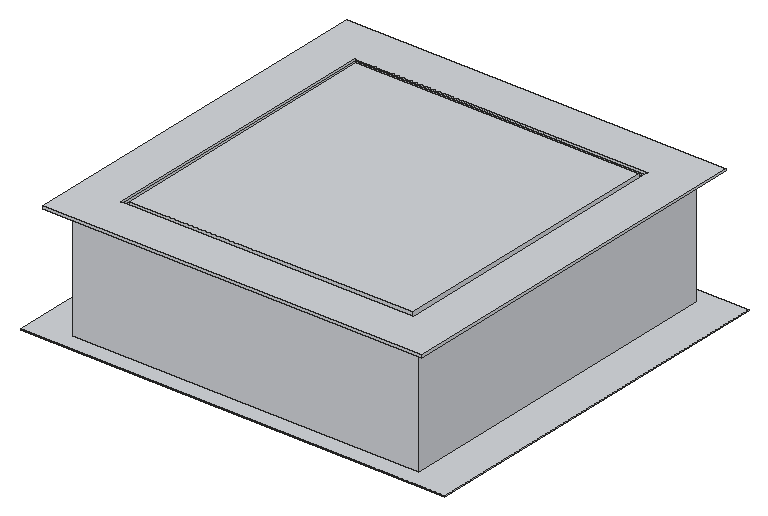
Revit family "Estrichüberdecktes Kanalsystem EÜK_UZD250-3_für_Estrichhöhe_115-170 mm", category Generic Models, Revit 2015
Parameters (values of type "UZD 115170 250-3")
  Width = 200 mm
  URL = "http://www.obo-bettermann.com"
  Size "a" = 262 mm
  Material = Steel, Galvanized
  Manufacturer Art. No. = "7410043"
  Manufacturer = "OBO Bettermann"
  HeightCalc = if(Height < 115 mm, 115 mm, (if(Height > 170 mm, 170 mm, Height)))  # 115 mm
  Height = 70 mm
  GTIN = "4012195431640"
  Article Type = "UZD 115170 250-3"
  "B" Dimension = 410 mm
  "A" Dimension = 367 mm
Reference planes
  plane 1 "Center (Front/Back)": y = 0
  plane 2: z = 0
  plane 3 "Center (Left/Right)": x = 0
  plane 4: z = 1
  plane 5: x = -205
  plane 6: y = -183.5
  plane 7: x = 205
  plane 8: y = 183.5
  plane 9: y = -167
  plane 10: x = 167
  plane 11: y = 167
  plane 12: x = -167
  plane 13: z = 113
  plane 14: z = 115
  plane 15: x = -183.5
  plane 16: x = 183.5
  plane 17: y = 141.5
  plane 18: x = 141.5
  plane 19: x = -141.5
  plane 20: y = -141.5
  plane 21: z = 111
  plane 22: y = 131
  plane 23: y = -131
  plane 24: x = 131
  plane 25: x = -131
  plane 26: y = -136.5
  plane 27: x = 136.5
  plane 28: y = 136.5
  plane 29: x = -136.5
Forms (mm)
  Extrusion 1, solid
    sketch origin (0, 0, 0) x (1, 0, 0) y (0, 1, 0)
      loop
        line (205, 183.5) -> (-205, 183.5) -> (-205, -183.5) -> (205, -183.5) -> (205, 183.5)
    from 0 to 1
  Extrusion 2, solid
    sketch origin (0, 0, 0) x (1, 0, 0) y (0, 1, 0)
      loop
        line (-167, 167) -> (-167, -167) -> (167, -167) -> (167, 167) -> (-167, 167)
    from 1 to 113
  Extrusion 3, solid
    sketch origin (0, 0, 0) x (1, 0, 0) y (0, 1, 0)
      loop
        line (-183.5, 183.5) -> (-183.5, -183.5) -> (183.5, -183.5) -> (183.5, 183.5) -> (-183.5, 183.5)
    from 113 to 115
  Extrusion 4, void
    sketch origin (0, 0, 0) x (1, 0, 0) y (0, 1, 0)
      loop
        line (-141.5, 141.5) -> (-141.5, -141.5) -> (141.5, -141.5) -> (141.5, 141.5) -> (-141.5, 141.5)
    from 111 to 115
  Extrusion 5, void
    sketch origin (0, 0, 0) x (1, 0, 0) y (0, 1, 0)
      loop
        line (-131, 131) -> (-131, -131) -> (131, -131) -> (131, 131) -> (-131, 131)
    from 1 to 111
  Extrusion 6, solid
    sketch origin (0, 0, 0) x (1, 0, 0) y (0, 1, 0)
      loop
        line (-136.5, 136.5) -> (-136.5, -136.5) -> (136.5, -136.5) -> (136.5, 136.5) -> (-136.5, 136.5)
    from 111 to 115
Cuts and joins
  Extrusion 4, Extrusion 5 cuts Extrusion 1
  Extrusion 4, Extrusion 5 cuts Extrusion 2
  Extrusion 4 cuts Extrusion 3
Lines and regions (mm)
  model lines
    curve 1: line (205, 183.5, 0) -> (-205, 183.5, 0)
    curve 2: line (205, 183.5, 0) -> (205, -183.5, 0)
    curve 3: line (205, -183.5, 0) -> (-205, -183.5, 0)
    curve 4: line (-205, -183.5, 0) -> (-205, 183.5, 0)
    curve 5: line (-167, 167, 0) -> (167, 167, 0)
    curve 6: line (167, 167, 0) -> (167, -167, 0)
    curve 7: line (167, -167, 0) -> (-167, -167, 0)
    curve 8: line (-167, -167, 0) -> (-167, 167, 0)
    curve 9: line (-183.5, 183.5, 0) -> (-183.5, -183.5, 0)
    curve 10: line (183.5, -183.5, 0) -> (183.5, 183.5, 0)
    curve 11: line (-141.5, 141.5, 0) -> (141.5, 141.5, 0)
    curve 12: line (141.5, 141.5, 0) -> (141.5, -141.5, 0)
    curve 13: line (141.5, -141.5, 0) -> (-141.5, -141.5, 0)
    curve 14: line (-141.5, -141.5, 0) -> (-141.5, 141.5, 0)
    curve 15: line (-131, 131, 0) -> (131, 131, 0)
    curve 16: line (131, 131, 0) -> (131, -131, 0)
    curve 17: line (131, -131, 0) -> (-131, -131, 0)
    curve 18: line (-131, -131, 0) -> (-131, 131, 0)
    curve 19: line (-136.5, 136.5, 0) -> (136.5, 136.5, 0)
    curve 20: line (136.5, 136.5, 0) -> (136.5, -136.5, 0)
    curve 21: line (136.5, -136.5, 0) -> (-136.5, -136.5, 0)
    curve 22: line (-136.5, -136.5, 0) -> (-136.5, 136.5, 0)
Dimensions and locks
  locked: level to plane 4 at 1
  equal spacing: plane 6, plane 1 "Center (Front/Back)", plane 8
  ""A" Dimension": plane 6 to plane 8
  equal spacing: plane 5, plane 3 "Center (Left/Right)", plane 7
  ""B" Dimension": plane 5 to plane 7
  equal spacing: plane 12, plane 3 "Center (Left/Right)", plane 10
  locked: plane 9 to plane 11 at 334
  equal spacing: plane 9, plane 1 "Center (Front/Back)", plane 11
  locked: plane 12 to plane 10 at 334
  locked: plane 13 to plane 14 at 2
  equal spacing: plane 15, plane 3 "Center (Left/Right)", plane 16
  locked: plane 15 to plane 16 at 367
  equal spacing: plane 19, plane 3 "Center (Left/Right)", plane 18
  locked: plane 19 to plane 18 at 283
  equal spacing: plane 17, plane 1 "Center (Front/Back)", plane 20
  locked: plane 17 to plane 20 at 283
  "HeightCalc": level to plane 14
  locked: plane 21 to plane 14 at 4
  equal spacing: plane 25, plane 3 "Center (Left/Right)", plane 24
  "Size "a"": plane 25 to plane 24
  equal spacing: plane 22, plane 1 "Center (Front/Back)", plane 23
  "Size "a"": plane 22 to plane 23
  equal spacing: plane 29, plane 3 "Center (Left/Right)", plane 27
  locked: plane 29 to plane 27 at 273
  equal spacing: plane 28, plane 1 "Center (Front/Back)", plane 26
  locked: plane 28 to plane 26 at 273
  aligned and locked: level to plane 2
  aligned and locked: plane 7 to curve 2
  aligned and locked: plane 5 to curve 4
  aligned and locked: Extrusion 1 sketch curve to curve 1
  aligned and locked: Extrusion 1 sketch curve to curve 2
  aligned and locked: Extrusion 1 sketch curve to curve 3
  aligned and locked: Extrusion 1 sketch curve to curve 4
  aligned and locked: plane 4 to Extrusion 1
  aligned and locked: plane 11 to curve 5
  aligned and locked: curve 6 to plane 10
  aligned and locked: plane 9 to curve 7
  aligned and locked: curve 8 to plane 12
  aligned and locked: Extrusion 2 sketch curve to curve 5
  aligned and locked: Extrusion 2 sketch curve to curve 6
  aligned and locked: Extrusion 2 sketch curve to curve 7
  aligned and locked: Extrusion 2 sketch curve to curve 8
  aligned and locked: plane 13 to Extrusion 2
  aligned and locked: Extrusion 2 to plane 4
  aligned and locked: curve 9 to plane 15
  aligned and locked: plane 16 to curve 10
  aligned and locked: Extrusion 3 sketch curve to curve 9
  aligned and locked: Extrusion 3 sketch curve to curve 10
  aligned and locked: plane 6 to Extrusion 3 sketch curve
  aligned and locked: Extrusion 3 sketch curve to plane 8
  aligned and locked: Extrusion 3 to plane 13
  aligned and locked: plane 14 to Extrusion 3
  aligned and locked: curve 11 to plane 17
  aligned and locked: curve 12 to plane 18
  aligned and locked: plane 20 to curve 13
  aligned and locked: plane 19 to curve 14
  aligned and locked: Extrusion 1 to level
  aligned and locked: Extrusion 4 sketch curve to curve 11
  aligned and locked: Extrusion 4 sketch curve to curve 12
  aligned and locked: Extrusion 4 sketch curve to curve 13
  aligned and locked: Extrusion 4 sketch curve to curve 14
  aligned and locked: plane 14 to Extrusion 4
  aligned and locked: Extrusion 4 to plane 21
  aligned and locked: curve 15 to plane 22
  aligned and locked: curve 16 to plane 24
  aligned and locked: plane 23 to curve 17
  aligned and locked: plane 25 to curve 18
  aligned and locked: Extrusion 5 sketch curve to curve 15
  aligned and locked: Extrusion 5 sketch curve to curve 18
  aligned and locked: Extrusion 5 sketch curve to curve 17
  aligned and locked: Extrusion 5 sketch curve to curve 16
  aligned and locked: plane 21 to Extrusion 5
  aligned and locked: Extrusion 5 to plane 4
  aligned and locked: curve 19 to plane 28
  aligned and locked: curve 20 to plane 27
  aligned and locked: curve 21 to plane 26
  aligned and locked: curve 22 to plane 29
  aligned and locked: Extrusion 6 sketch curve to curve 19
  aligned and locked: Extrusion 6 sketch curve to curve 22
  aligned and locked: Extrusion 6 sketch curve to curve 21
  aligned and locked: Extrusion 6 sketch curve to curve 20
  aligned and locked: Extrusion 6 to plane 21
  aligned and locked: plane 14 to Extrusion 6
Automatic sketch dimensions
  curve 10 to plane 6 = 0 mm
  plane 8 to curve 9 = 0 mm
